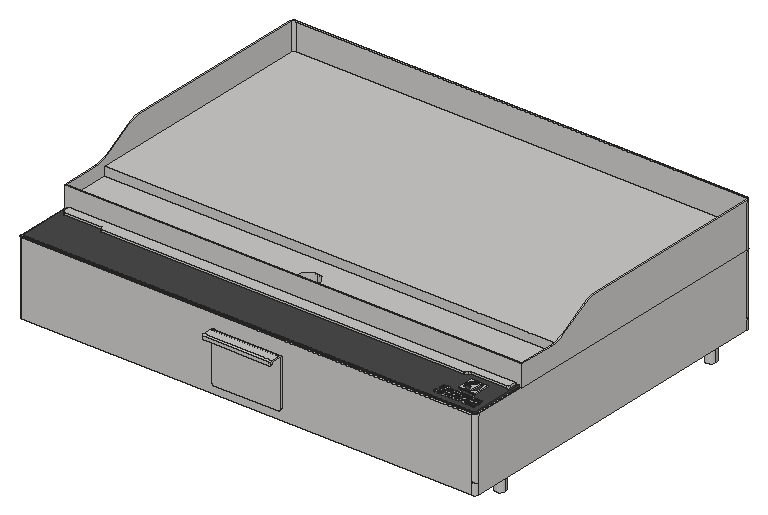
Revit family "QF_ELECTROLUXPROFESSIONAL_600887_E1IREDOMES", category Specialty Equipment, Revit 2018
Family settings
  Round Connector Dimension = Use Diameter
  Part Type = Normal
  Work Plane-Based = No
  Always vertical = Yes
  Cut with Voids When Loaded = No
  Shared = No
  Room Calculation Point = No
Parameters
  Watts = 0 W
  Volts = 0 V
  URL = ""
  Steam Supply Size = 0 mm
  Steam Supply Minimum Pressure = 0.0 Pa
  Steam Supply Maximum Pressure = 0.0 Pa
  Steam Pounds per Hour = 0
  Show Logo [instance] = yes
  Manufacturer = ""
  Phase = 0
  Model = ""
  Item Number = ""
  Hot Water Size = 0 mm
  HP = "9.4 HP"
  Gas Size = 0 mm
  Gas KW = 0
  Direct Waste Size = 0 mm
  Description = ""
  Cycle = 0 Hz
  Condensate Return Size = 0 mm
  Compressed Air Volume = 0.0 L/s
  Compressed Air Size = 0 mm
  Compressed Air Pressure = 0.0 Pa
  Cold Water Size = 0 mm
Reference planes
  plane 1 "Centro (Fronte/Retro)": y = 74.737
  plane 2: z = 0
  plane 3: x = -514.269
  plane 4 "LEFT": x = -914.269
  plane 5 "RIGHT": x = -114.269
  plane 6 "BACK": y = 374.737
  plane 7 "FRONT": y = -225.263
  plane 8: x = -912.269
  plane 9: y = 372.737
  plane 10: x = -116.269
  plane 11: y = -223.263
  plane 12: y = -124.263
  plane 13: x = -901.269
  plane 14: x = -127.269
  plane 15: y = 304.737
  plane 16: y = -155.263
  plane 17: x = -514.269
  plane 18: y = 146.737
  plane 19: z = 951
  plane 20: z = 991
  plane 21: z = 764
Forms (mm)
  Extrusion 1, solid, material "QF_Finishes_Stainless Steel"
    sketch origin (0, 0, 788) x (1, 0, 0) y (0, 1, 0)
      loop
        arc (-907.269, 374.737) -> (-912.218, 372.687) -> (-914.269, 367.737) r 7
        line (-914.269, 367.737) -> (-914.269, -218.263)
        arc (-914.269, -218.263) -> (-912.218, -223.213) -> (-907.269, -225.263) r 7
        line (-907.269, -225.263) -> (-121.269, -225.263)
        arc (-121.269, -225.263) -> (-116.319, -223.213) -> (-114.269, -218.263) r 7
        line (-114.269, -218.263) -> (-114.269, 367.737)
        arc (-114.269, 367.737) -> (-116.319, 372.687) -> (-121.269, 374.737) r 7
        line (-121.269, 374.737) -> (-907.269, 374.737)
    from 0 to 20
  Extrusion 2, solid, material "QF_Finishes_Stainless Steel"
    sketch origin (0, 0, 788) x (1, 0, 0) y (0, 1, 0)
      loop
        line (-121.269, 374.737) -> (-907.269, 374.737)
        arc (-907.269, 374.737) -> (-912.218, 372.687) -> (-914.269, 367.737) r 7
        line (-914.269, 367.737) -> (-914.269, -218.263)
        arc (-914.269, -218.263) -> (-912.218, -223.213) -> (-907.269, -225.263) r 7
        line (-907.269, -225.263) -> (-121.269, -225.263)
        arc (-121.269, -225.263) -> (-116.319, -223.213) -> (-114.269, -218.263) r 7
        line (-114.269, -218.263) -> (-114.269, 367.737)
        arc (-114.269, 367.737) -> (-116.319, 372.687) -> (-121.269, 374.737) r 7
      loop
        arc (-907.269, 372.737) -> (-910.804, 371.273) -> (-912.269, 367.737) r 5
        line (-912.269, 367.737) -> (-912.269, -218.263)
        arc (-912.269, -218.263) -> (-910.804, -221.798) -> (-907.269, -223.263) r 5
        line (-907.269, -223.263) -> (-121.269, -223.263)
        arc (-121.269, -223.263) -> (-117.733, -221.798) -> (-116.269, -218.263) r 5
        line (-116.269, -218.263) -> (-116.269, 367.737)
        arc (-116.269, 367.737) -> (-117.733, 371.273) -> (-121.269, 372.737) r 5
        line (-121.269, 372.737) -> (-907.269, 372.737)
    from 20 to 126
  Extrusion 3, solid, material "QF_Finishes_Black"
    sketch origin (0, 0, 914) x (-1, 0, 0) y (0, -1, 0)
      loop
        line (909.269, 124.263) -> (909.269, 218.263)
        arc (909.269, 218.263) -> (908.683, 219.677) -> (907.269, 220.263) r 2
        line (907.269, 220.263) -> (121.269, 220.263)
        arc (121.269, 220.263) -> (119.854, 219.677) -> (119.269, 218.263) r 2
        line (119.269, 218.263) -> (119.269, 124.263) -> (909.269, 124.263)
    from 0 to 2
  Extrusion 4, solid, material "QF_Finishes_Stainless Steel"
    sketch origin (0, 0, 914) x (-1, 0, 0) y (0, -1, 0)
      loop
        arc (901.269, 124.263) -> (903.39, 125.142) -> (904.269, 127.263) r 3
        line (904.269, 127.263) -> (904.269, 137.763)
        arc (904.269, 137.763) -> (903.39, 139.884) -> (901.269, 140.763) r 3
        line (901.269, 140.763) -> (837.269, 140.763)
        arc (837.269, 140.763) -> (835.147, 141.642) -> (834.269, 143.763) r 3
        arc (834.269, 143.763) -> (833.39, 145.884) -> (831.269, 146.763) r 3
        line (831.269, 146.763) -> (197.269, 146.763)
        arc (197.269, 146.763) -> (195.147, 145.884) -> (194.269, 143.763) r 3
        arc (194.269, 143.763) -> (193.39, 141.642) -> (191.269, 140.763) r 3
        line (191.269, 140.763) -> (127.269, 140.763)
        arc (127.269, 140.763) -> (125.147, 139.884) -> (124.269, 137.763) r 3
        line (124.269, 137.763) -> (124.269, 127.263)
        arc (124.269, 127.263) -> (125.147, 125.142) -> (127.269, 124.263) r 3
        line (127.269, 124.263) -> (901.269, 124.263)
    from 2 to 5
  Extrusion 5, solid, material "QF_Finishes_Stainless Steel"
    sketch origin (0, 0, 140) x (-1, 0, 0) y (0, -1, 0)
      loop
        circle (901.269, -304.737) r 9
      loop
        circle (127.269, -304.737) r 9
      loop
        circle (901.269, 155.263) r 9
      loop
        circle (127.269, 155.263) r 9
    from 624 to 648
  Extrusion 6, solid, material "QF_Finishes_Stainless Steel"
    sketch origin (0, 0, 140) x (-1, 0, 0) y (0, -1, 0)
      loop
        circle (514.269, -146.737) r 10
    from 638.028 to 648
  Extrusion 7, solid, material "QF_Finishes_Stainless Steel"
    sketch origin (0, 0, 140) x (-1, 0, 0) y (0, -1, 0)
      loop
        line (121.269, -374.737) -> (907.269, -374.737)
        arc (907.269, -374.737) -> (912.218, -372.687) -> (914.269, -367.737) r 7
        line (914.269, -367.737) -> (914.269, 124.263) -> (114.269, 124.263) -> (114.269, -367.737)
        arc (114.269, -367.737) -> (116.319, -372.687) -> (121.269, -374.737) r 7
      loop
        line (912.269, 122.263) -> (116.269, 122.263) -> (116.269, -367.737)
        arc (116.269, -367.737) -> (117.733, -371.273) -> (121.269, -372.737) r 5
        line (121.269, -372.737) -> (907.269, -372.737)
        arc (907.269, -372.737) -> (910.804, -371.273) -> (912.269, -367.737) r 5
        line (912.269, -367.737) -> (912.269, 122.263)
    from 774 to 851
  Extrusion 8, void
    sketch origin (-914.269, 367.737, 140) x (0, 1, 0) y (0, 0, 1)
      loop
        line (-492, 851) -> (-492, 811) -> (-425.278, 811)
        arc (-425.278, 811) -> (-412.445, 812.675) -> (-400.471, 817.588) r 50
        line (-400.471, 817.588) -> (-353.529, 844.412)
        arc (-353.529, 844.412) -> (-341.555, 849.325) -> (-328.722, 851) r 50
        line (-328.722, 851) -> (-492, 851)
    from 0 to 800
  Extrusion 9, solid, material "QF_Finishes_Stainless Steel"
    sketch origin (0, 0, 140) x (-1, 0, 0) y (0, -1, 0)
      loop
        line (912.269, -367.737) -> (912.269, 40.263) -> (116.269, 40.263) -> (116.269, -367.737)
        arc (116.269, -367.737) -> (117.733, -371.273) -> (121.269, -372.737) r 5
        line (121.269, -372.737) -> (907.269, -372.737)
        arc (907.269, -372.737) -> (910.804, -371.273) -> (912.269, -367.737) r 5
    from 774 to 804.06
  Extrusion 10, solid, material "QF_Finishes_Stainless Steel"
    sketch origin (0, 0, 140) x (-1, 0, 0) y (0, -1, 0)
      loop
        line (912.269, 40.263) -> (912.269, 122.263) -> (116.269, 122.263) -> (116.269, 40.263) -> (912.269, 40.263)
    from 774 to 789
  Extrusion 11, solid, material "QF_Finishes_Stainless Steel"
    sketch origin (-574.269, 367.737, 788) x (0, -1, 0) y (0, 0, 1)
      loop
        line (593, 14) -> (594.5, 14) -> (594.5, 99)
        arc (594.5, 99) -> (594.939, 100.061) -> (596, 100.5) r 1.5
        line (596, 100.5) -> (612, 100.5)
        arc (612, 100.5) -> (613.061, 100.061) -> (613.5, 99) r 1.5
        line (613.5, 99) -> (613.5, 94) -> (615, 94) -> (615, 99)
        arc (615, 99) -> (614.121, 101.121) -> (612, 102) r 3
        line (612, 102) -> (596, 102)
        arc (596, 102) -> (593.879, 101.121) -> (593, 99) r 3
        line (593, 99) -> (593, 14)
    from 0 to -120
  Extrusion 12, void
    sketch origin (-574.269, -226.763, 802) x (0, 0, 1) y (1, 0, 0)
      loop
        arc (4, 0) -> (1.172, 1.172) -> (0, 4) r 4
        line (0, 4) -> (0, 0) -> (4, 0)
      loop
        line (4, 120) -> (0, 120) -> (0, 116)
        arc (0, 116) -> (1.172, 118.828) -> (4, 120) r 4
    from 1.5 to 0
  Extrusion 13, void
    sketch origin (-574.269, -247.263, 890) x (0, 0, 1) y (1, 0, 0)
      loop
        arc (-4, 0) -> (-6.828, 1.172) -> (-8, 4) r 4
        line (-8, 4) -> (-8, 0) -> (-4, 0)
      loop
        line (-4, 120) -> (-8, 120) -> (-8, 116)
        arc (-8, 116) -> (-6.828, 118.828) -> (-4, 120) r 4
    from 0 to 1.5
  Extrusion 14, void
    sketch origin (353.267, 0, 929) x (0, -1, 0) y (-1, 0, 0)
      loop
        circle (91.263, 867.536) r 19
    from 0 to 71.307
Cuts and joins
  Extrusion 12, Extrusion 13 cuts Extrusion 1
  Extrusion 12, Extrusion 13 cuts Extrusion 2
  joined: Extrusion 1, Extrusion 2
  Extrusion 8 cuts Extrusion 7
  Extrusion 12, Extrusion 13 cuts Extrusion 11
  Extrusion 14 cuts Extrusion 10
Lines and regions (mm)
  symbolic lines
    curve 1: line (-121.269, 374.737, 126) -> (-907.269, 374.737, 126)
    curve 2: arc (-907.269, 374.737, 126) -> (-912.218, 372.687, 126) -> (-914.269, 367.737, 126) r 7
    curve 3: line (-914.269, 367.737, 126) -> (-914.269, -218.263, 126)
    curve 4: arc (-914.269, -218.263, 126) -> (-912.218, -223.213, 126) -> (-907.269, -225.263, 126) r 7
    curve 5: line (-907.269, -225.263, 126) -> (-121.269, -225.263, 126)
    curve 6: arc (-121.269, -225.263, 126) -> (-116.319, -223.213, 126) -> (-114.269, -218.263, 126) r 7
    curve 7: line (-114.269, -218.263, 126) -> (-114.269, 367.737, 126)
    curve 8: arc (-114.269, 367.737, 126) -> (-116.319, 372.687, 126) -> (-121.269, 374.737, 126) r 7
    curve 9: line (-907.269, 372.737, 126) -> (-121.269, 372.737, 126)
    curve 10: arc (-121.269, 372.737, 126) -> (-117.733, 371.273, 126) -> (-116.269, 367.737, 126) r 5
    curve 11: line (-116.269, 367.737, 126) -> (-116.269, -218.263, 126)
    curve 12: arc (-116.269, -218.263, 126) -> (-117.733, -221.798, 126) -> (-121.269, -223.263, 126) r 5
    curve 13: line (-121.269, -223.263, 126) -> (-907.269, -223.263, 126)
    curve 14: arc (-907.269, -223.263, 126) -> (-910.804, -221.798, 126) -> (-912.269, -218.263, 126) r 5
    curve 15: line (-912.269, -218.263, 126) -> (-912.269, 367.737, 126)
    curve 16: arc (-912.269, 367.737, 126) -> (-910.804, 371.273, 126) -> (-907.269, 372.737, 126) r 5
    curve 17: line (-831.269, -146.763, 126) -> (-197.269, -146.763, 126)
    curve 18: arc (-197.269, -146.763, 126) -> (-195.147, -145.884, 126) -> (-194.269, -143.763, 126) r 3
    curve 19: arc (-194.269, -143.763, 126) -> (-193.39, -141.642, 126) -> (-191.269, -140.763, 126) r 3
    curve 20: line (-191.269, -140.763, 126) -> (-127.269, -140.763, 126)
    curve 21: arc (-127.269, -140.763, 126) -> (-125.147, -139.884, 126) -> (-124.269, -137.763, 126) r 3
    curve 22: line (-124.269, -137.763, 126) -> (-124.269, -127.263, 126)
    curve 23: arc (-124.269, -127.263, 126) -> (-125.147, -125.142, 126) -> (-127.269, -124.263, 126) r 3
    curve 24: arc (-901.269, -124.263, 126) -> (-903.39, -125.142, 126) -> (-904.269, -127.263, 126) r 3
    curve 25: line (-904.269, -127.263, 126) -> (-904.269, -137.763, 126)
    curve 26: arc (-904.269, -137.763, 126) -> (-903.39, -139.884, 126) -> (-901.269, -140.763, 126) r 3
    curve 27: line (-901.269, -140.763, 126) -> (-837.269, -140.763, 126)
    curve 28: line (-119.269, -218.263, 126) -> (-119.269, -124.263, 126)
    curve 29: line (-909.269, -124.263, 126) -> (-909.269, -218.263, 126)
    curve 30: arc (-909.269, -218.263, 126) -> (-908.683, -219.677, 126) -> (-907.269, -220.263, 126) r 2
    curve 31: line (-907.269, -220.263, 126) -> (-121.269, -220.263, 126)
    curve 32: arc (-121.269, -220.263, 126) -> (-119.854, -219.677, 126) -> (-119.269, -218.263, 126) r 2
    curve 33: arc (-837.269, -140.763, 126) -> (-835.147, -141.642, 126) -> (-834.269, -143.763, 126) r 3
    curve 34: arc (-834.269, -143.763, 126) -> (-833.39, -145.884, 126) -> (-831.269, -146.763, 126) r 3
    curve 35: line (-909.269, -124.263, 0) -> (-119.269, -124.263, 0)
    curve 36: line (-912.269, -40.263, 126) -> (-116.269, -40.263, 126)
    curve 37: line (-178.626, -153.452, 126) -> (-178.626, -182.168, 126)
    curve 38: line (-178.626, -182.168, 126) -> (-149.912, -182.168, 126)
    curve 39: line (-149.912, -182.168, 126) -> (-149.912, -153.452, 126)
    curve 40: line (-149.912, -153.452, 126) -> (-178.626, -153.452, 126)
    curve 41: line (-175.841, -162.424, 126) -> (-175.07, -161.023, 126)
    curve 42: line (-175.07, -161.023, 126) -> (-174.141, -159.732, 126)
    curve 43: line (-174.141, -159.732, 126) -> (-173.065, -158.564, 126)
    curve 44: line (-173.065, -158.564, 126) -> (-171.856, -157.535, 126)
    curve 45: line (-171.856, -157.535, 126) -> (-170.527, -156.661, 126)
    curve 46: line (-170.527, -156.661, 126) -> (-169.091, -155.954, 126)
    curve 47: line (-169.091, -155.954, 126) -> (-167.562, -155.431, 126)
    curve 48: line (-167.562, -155.431, 126) -> (-165.952, -155.107, 126)
    curve 49: arc (-165.952, -155.107, 126) -> (-163.752, -155.007, 126) -> (-161.567, -155.279, 126) r 13.008
    curve 50: arc (-161.567, -155.279, 126) -> (-161.815, -157.647, 126) -> (-162.651, -159.876, 126) r 9.395
    curve 51: line (-162.651, -159.876, 126) -> (-163.438, -161.245, 126)
    curve 52: line (-163.438, -161.245, 126) -> (-164.403, -162.507, 126)
    curve 53: line (-164.403, -162.507, 126) -> (-165.524, -163.648, 126)
    curve 54: line (-165.524, -163.648, 126) -> (-166.781, -164.654, 126)
    curve 55: line (-166.781, -164.654, 126) -> (-168.151, -165.509, 126)
    curve 56: line (-168.151, -165.509, 126) -> (-169.615, -166.2, 126)
    curve 57: line (-169.615, -166.2, 126) -> (-171.15, -166.712, 126)
    curve 58: line (-171.15, -166.712, 126) -> (-172.736, -167.029, 126)
    curve 59: line (-172.736, -167.029, 126) -> (-174.352, -167.138, 126)
    curve 60: line (-174.352, -167.138, 126) -> (-177.067, -167.138, 126)
    curve 61: line (-177.067, -167.138, 126) -> (-176.852, -165.495, 126)
    curve 62: line (-176.852, -165.495, 126) -> (-176.439, -163.92, 126)
    curve 63: line (-176.439, -163.92, 126) -> (-175.841, -162.424, 126)
    curve 64: line (-160.221, -179.969, 126) -> (-160.221, -155.646, 126)
    curve 65: line (-160.221, -155.646, 126) -> (-158.743, -156.237, 126)
    curve 66: line (-158.743, -156.237, 126) -> (-157.363, -157.003, 126)
    curve 67: line (-157.363, -157.003, 126) -> (-156.095, -157.931, 126)
    curve 68: line (-156.095, -157.931, 126) -> (-154.951, -159.007, 126)
    curve 69: line (-154.951, -159.007, 126) -> (-153.945, -160.217, 126)
    curve 70: line (-153.945, -160.217, 126) -> (-153.092, -161.548, 126)
    curve 71: line (-153.092, -161.548, 126) -> (-152.403, -162.986, 126)
    curve 72: line (-152.403, -162.986, 126) -> (-151.894, -164.517, 126)
    curve 73: line (-151.894, -164.517, 126) -> (-151.576, -166.128, 126)
    curve 74: line (-151.576, -166.128, 126) -> (-151.464, -167.804, 126)
    curve 75: line (-151.464, -167.804, 126) -> (-151.567, -169.456, 126)
    curve 76: line (-151.567, -169.456, 126) -> (-151.873, -171.047, 126)
    curve 77: line (-151.873, -171.047, 126) -> (-152.372, -172.563, 126)
    curve 78: line (-152.372, -172.563, 126) -> (-153.05, -173.992, 126)
    curve 79: line (-153.05, -173.992, 126) -> (-153.897, -175.319, 126)
    curve 80: line (-153.897, -175.319, 126) -> (-154.899, -176.532, 126)
    curve 81: line (-154.899, -176.532, 126) -> (-156.044, -177.617, 126)
    curve 82: line (-156.044, -177.617, 126) -> (-157.321, -178.56, 126)
    curve 83: line (-157.321, -178.56, 126) -> (-158.718, -179.349, 126)
    curve 84: line (-158.718, -179.349, 126) -> (-160.221, -179.969, 126)
    curve 85: line (-169.613, -169.43, 126) -> (-168.15, -170.12, 126)
    curve 86: line (-168.15, -170.12, 126) -> (-166.78, -170.975, 126)
    curve 87: line (-166.78, -170.975, 126) -> (-165.524, -171.98, 126)
    curve 88: line (-165.524, -171.98, 126) -> (-164.403, -173.12, 126)
    curve 89: line (-164.403, -173.12, 126) -> (-163.439, -174.381, 126)
    curve 90: line (-163.439, -174.381, 126) -> (-162.652, -175.748, 126)
    curve 91: arc (-162.652, -175.748, 126) -> (-161.85, -177.982, 126) -> (-161.568, -180.34, 126) r 10.532
    curve 92: arc (-161.568, -180.34, 126) -> (-162.906, -180.548, 126) -> (-164.258, -180.63, 126) r 14.39
    curve 93: line (-164.258, -180.63, 126) -> (-165.828, -180.532, 126)
    curve 94: line (-165.828, -180.532, 126) -> (-167.331, -180.252, 126)
    curve 95: line (-167.331, -180.252, 126) -> (-168.77, -179.801, 126)
    curve 96: line (-168.77, -179.801, 126) -> (-170.134, -179.191, 126)
    curve 97: line (-170.134, -179.191, 126) -> (-171.411, -178.434, 126)
    curve 98: line (-171.411, -178.434, 126) -> (-172.589, -177.541, 126)
    curve 99: line (-172.589, -177.541, 126) -> (-173.656, -176.525, 126)
    curve 100: line (-173.656, -176.525, 126) -> (-174.6, -175.397, 126)
    curve 101: line (-174.6, -175.397, 126) -> (-175.41, -174.168, 126)
    curve 102: line (-175.41, -174.168, 126) -> (-176.073, -172.852, 126)
    curve 103: line (-176.073, -172.852, 126) -> (-176.579, -171.46, 126)
    curve 104: line (-176.579, -171.46, 126) -> (-176.915, -170.003, 126)
    curve 105: line (-176.915, -170.003, 126) -> (-177.069, -168.493, 126)
    curve 106: line (-177.069, -168.493, 126) -> (-174.35, -168.493, 126)
    curve 107: line (-174.35, -168.493, 126) -> (-172.734, -168.602, 126)
    curve 108: line (-172.734, -168.602, 126) -> (-171.148, -168.919, 126)
    curve 109: line (-171.148, -168.919, 126) -> (-169.613, -169.43, 126)
    curve 110: arc (-199.495, -197.154, 126) -> (-198.466, -199.638, 126) -> (-195.982, -200.667, 126) r 3.513
    curve 111: line (-195.982, -200.667, 126) -> (-192.408, -200.667, 126)
    curve 112: line (-192.408, -200.667, 126) -> (-192.408, -198.85, 126)
    curve 113: line (-192.408, -198.85, 126) -> (-195.966, -198.85, 126)
    curve 114: arc (-195.966, -198.85, 126) -> (-197.094, -198.382, 126) -> (-197.562, -197.254, 126) r 1.596
    curve 115: line (-197.562, -197.254, 126) -> (-197.562, -195.74, 126)
    curve 116: line (-197.562, -195.74, 126) -> (-192.843, -195.74, 126)
    curve 117: line (-192.843, -195.74, 126) -> (-192.843, -193.917, 126)
    curve 118: line (-192.843, -193.917, 126) -> (-197.563, -193.917, 126)
    curve 119: line (-197.563, -193.917, 126) -> (-197.563, -191.264, 126)
    curve 120: line (-197.563, -191.264, 126) -> (-192.542, -191.264, 126)
    curve 121: line (-192.542, -191.264, 126) -> (-192.542, -189.445, 126)
    curve 122: line (-192.542, -189.445, 126) -> (-199.495, -189.445, 126)
    curve 123: line (-199.495, -189.445, 126) -> (-199.495, -193.353, 126)
    curve 124: line (-199.495, -193.353, 126) -> (-199.495, -197.154, 126)
    curve 125: line (-189.101, -189.455, 126) -> (-191.035, -189.455, 126)
    curve 126: line (-191.035, -189.455, 126) -> (-191.035, -194.76, 126)
    curve 127: line (-191.035, -194.76, 126) -> (-191.035, -200.681, 126)
    curve 128: line (-191.035, -200.681, 126) -> (-189.101, -200.681, 126)
    curve 129: line (-189.101, -200.681, 126) -> (-189.101, -194.721, 126)
    curve 130: line (-189.101, -194.721, 126) -> (-189.101, -189.455, 126)
    curve 131: arc (-180.394, -193.787, 126) -> (-183.654, -192.313, 126) -> (-186.913, -193.787, 126) r 4.34
    curve 132: arc (-186.913, -193.787, 126) -> (-187.819, -196.606, 126) -> (-186.913, -199.425, 126) r 4.838
    curve 133: arc (-186.913, -199.425, 126) -> (-183.498, -200.88, 126) -> (-180.082, -199.425, 126) r 4.737
    curve 134: line (-180.082, -199.425, 126) -> (-181.246, -198.293, 126)
    curve 135: arc (-181.246, -198.293, 126) -> (-183.382, -199.237, 126) -> (-185.517, -198.293, 126) r 2.888
    curve 136: arc (-185.517, -198.293, 126) -> (-185.841, -197.736, 126) -> (-185.905, -197.095, 126) r 1.527
    curve 137: line (-185.905, -197.095, 126) -> (-179.564, -197.095, 126)
    curve 138: arc (-179.564, -197.095, 126) -> (-179.672, -195.364, 126) -> (-180.394, -193.787, 126) r 4.757
    curve 139: line (-181.505, -195.736, 126) -> (-185.858, -195.736, 126)
    curve 140: arc (-185.858, -195.736, 126) -> (-185.043, -194.411, 126) -> (-183.56, -193.941, 126) r 2.23
    curve 141: arc (-183.56, -193.941, 126) -> (-182.221, -194.482, 126) -> (-181.505, -195.736, 126) r 2.201
    curve 142: arc (-172.029, -198.26, 126) -> (-176.639, -196.593, 126) -> (-172.029, -194.927, 126) r 2.606
    curve 143: line (-172.029, -194.927, 126) -> (-170.832, -193.681, 126)
    curve 144: arc (-170.832, -193.681, 126) -> (-178.564, -196.594, 126) -> (-170.832, -199.507, 126) r 4.415
    curve 145: line (-170.832, -199.507, 126) -> (-172.029, -198.26, 126)
    curve 146: line (-169.629, -193.481, 126) -> (-169.629, -197.299, 126)
    curve 147: arc (-169.629, -197.299, 126) -> (-168.592, -199.893, 126) -> (-165.911, -200.681, 126) r 3.196
    curve 148: line (-165.911, -200.681, 126) -> (-165.904, -198.864, 126)
    curve 149: arc (-165.904, -198.864, 126) -> (-167.239, -198.457, 126) -> (-167.699, -197.14, 126) r 1.542
    curve 150: line (-167.699, -197.14, 126) -> (-167.699, -194.319, 126)
    curve 151: line (-167.699, -194.319, 126) -> (-165.94, -194.319, 126)
    curve 152: line (-165.94, -194.319, 126) -> (-165.94, -192.562, 126)
    curve 153: line (-165.94, -192.562, 126) -> (-167.696, -192.562, 126)
    curve 154: line (-167.696, -192.562, 126) -> (-167.696, -189.455, 126)
    curve 155: line (-167.696, -189.455, 126) -> (-169.629, -189.455, 126)
    curve 156: line (-169.629, -189.455, 126) -> (-169.629, -193.481, 126)
    curve 157: arc (-159.402, -192.451, 126) -> (-161.13, -192.587, 126) -> (-162.397, -193.771, 126) r 2.627
    curve 158: line (-162.397, -193.771, 126) -> (-162.397, -192.563, 126)
    curve 159: line (-162.397, -192.563, 126) -> (-164.315, -192.563, 126)
    curve 160: line (-164.315, -192.563, 126) -> (-164.315, -196.541, 126)
    curve 161: line (-164.315, -196.541, 126) -> (-164.315, -200.681, 126)
    curve 162: line (-164.315, -200.681, 126) -> (-162.397, -200.681, 126)
    curve 163: line (-162.397, -200.681, 126) -> (-162.397, -196.412, 126)
    curve 164: arc (-162.397, -196.412, 126) -> (-161.445, -194.585, 126) -> (-159.402, -194.319, 126) r 2.229
    curve 165: line (-159.402, -194.319, 126) -> (-159.402, -192.451, 126)
    curve 166: arc (-150.248, -196.625, 126) -> (-154.668, -192.205, 126) -> (-159.088, -196.625, 126) r 4.42
    curve 167: arc (-159.088, -196.625, 126) -> (-154.668, -201.046, 126) -> (-150.248, -196.625, 126) r 4.42
    curve 168: arc (-157.176, -196.625, 126) -> (-154.668, -194.117, 126) -> (-152.16, -196.625, 126) r 2.508
    curve 169: arc (-152.16, -196.625, 126) -> (-154.668, -199.134, 126) -> (-157.176, -196.625, 126) r 2.508
    curve 170: line (-147.124, -189.454, 126) -> (-149.058, -189.454, 126)
    curve 171: line (-149.058, -189.454, 126) -> (-149.058, -194.566, 126)
    curve 172: line (-149.058, -194.566, 126) -> (-149.058, -200.682, 126)
    curve 173: line (-149.058, -200.682, 126) -> (-147.124, -200.682, 126)
    curve 174: line (-147.124, -200.682, 126) -> (-147.124, -194.643, 126)
    curve 175: line (-147.124, -194.643, 126) -> (-147.124, -189.454, 126)
    curve 176: line (-143.697, -192.562, 126) -> (-145.646, -192.562, 126)
    curve 177: line (-145.646, -192.562, 126) -> (-145.646, -194.915, 126)
    curve 178: line (-145.646, -194.915, 126) -> (-145.646, -197.715, 126)
    curve 179: arc (-145.646, -197.715, 126) -> (-141.931, -201.044, 126) -> (-138.204, -197.728, 126) r 3.745
    curve 180: line (-138.204, -197.728, 126) -> (-138.204, -194.915, 126)
    curve 181: line (-138.204, -194.915, 126) -> (-138.204, -192.562, 126)
    curve 182: line (-138.204, -192.562, 126) -> (-140.152, -192.562, 126)
    curve 183: line (-140.152, -192.562, 126) -> (-140.152, -197.299, 126)
    curve 184: arc (-140.152, -197.299, 126) -> (-141.925, -199.071, 126) -> (-143.697, -197.299, 126) r 1.772
    curve 185: line (-143.697, -197.299, 126) -> (-143.697, -192.562, 126)
    curve 186: line (-134.237, -196.397, 126) -> (-135.916, -198.735, 126)
    curve 187: line (-135.916, -198.735, 126) -> (-137.313, -200.682, 126)
    curve 188: line (-137.313, -200.682, 126) -> (-135.235, -200.682, 126)
    curve 189: line (-135.235, -200.682, 126) -> (-133.174, -197.813, 126)
    curve 190: line (-133.174, -197.813, 126) -> (-131.112, -200.682, 126)
    curve 191: line (-131.112, -200.682, 126) -> (-129.034, -200.682, 126)
    curve 192: line (-129.034, -200.682, 126) -> (-130.891, -198.085, 126)
    curve 193: line (-130.891, -198.085, 126) -> (-132.11, -196.38, 126)
    curve 194: line (-132.11, -196.38, 126) -> (-130.601, -194.325, 126)
    curve 195: line (-130.601, -194.325, 126) -> (-129.308, -192.563, 126)
    curve 196: line (-129.308, -192.563, 126) -> (-131.418, -192.563, 126)
    curve 197: line (-131.418, -192.563, 126) -> (-133.174, -194.995, 126)
    curve 198: line (-133.174, -194.995, 126) -> (-134.946, -192.563, 126)
    curve 199: line (-134.946, -192.563, 126) -> (-137.039, -192.563, 126)
    curve 200: line (-137.039, -192.563, 126) -> (-135.839, -194.205, 126)
    curve 201: line (-135.839, -194.205, 126) -> (-134.237, -196.397, 126)
    curve 202: line (-199.467, -205.699, 126) -> (-199.467, -209.59, 126)
    curve 203: line (-199.467, -209.59, 126) -> (-198.667, -209.59, 126)
    curve 204: line (-198.667, -209.59, 126) -> (-198.667, -208.271, 126)
    curve 205: line (-198.667, -208.271, 126) -> (-197.697, -208.271, 126)
    curve 206: arc (-197.697, -208.271, 126) -> (-196.674, -206.863, 126) -> (-197.967, -205.699, 126) r 1.3
    curve 207: line (-197.967, -205.699, 126) -> (-199.467, -205.699, 126)
    curve 208: line (-198.667, -207.52, 126) -> (-198.667, -206.434, 126)
    curve 209: line (-198.667, -206.434, 126) -> (-197.861, -206.434, 126)
    curve 210: arc (-197.861, -206.434, 126) -> (-197.461, -206.977, 126) -> (-197.861, -207.52, 126) r 0.569
    curve 211: line (-197.861, -207.52, 126) -> (-198.667, -207.52, 126)
    curve 212: line (-193.389, -205.699, 126) -> (-193.389, -209.59, 126)
    curve 213: line (-193.389, -209.59, 126) -> (-192.589, -209.59, 126)
    curve 214: line (-192.589, -209.59, 126) -> (-192.589, -208.249, 126)
    curve 215: line (-192.589, -208.249, 126) -> (-191.763, -208.249, 126)
    curve 216: line (-191.763, -208.249, 126) -> (-190.957, -209.59, 126)
    curve 217: line (-190.957, -209.59, 126) -> (-190.05, -209.59, 126)
    curve 218: line (-190.05, -209.59, 126) -> (-191.058, -207.929, 126)
    curve 219: arc (-191.058, -207.929, 126) -> (-190.677, -206.531, 126) -> (-191.863, -205.699, 126) r 1.26
    curve 220: line (-191.863, -205.699, 126) -> (-193.389, -205.699, 126)
    curve 221: line (-192.589, -207.52, 126) -> (-192.589, -206.434, 126)
    curve 222: line (-192.589, -206.434, 126) -> (-191.782, -206.434, 126)
    curve 223: arc (-191.782, -206.434, 126) -> (-191.383, -206.977, 126) -> (-191.782, -207.52, 126) r 0.569
    curve 224: line (-191.782, -207.52, 126) -> (-192.589, -207.52, 126)
    curve 225: arc (-186.695, -207.668, 126) -> (-185.407, -206.38, 126) -> (-184.119, -207.668, 126) r 1.288
    curve 226: arc (-184.119, -207.668, 126) -> (-185.407, -208.956, 126) -> (-186.695, -207.668, 126) r 1.288
    curve 227: arc (-183.342, -207.668, 126) -> (-185.407, -205.603, 126) -> (-187.472, -207.668, 126) r 2.065
    curve 228: arc (-187.472, -207.668, 126) -> (-185.407, -209.733, 126) -> (-183.342, -207.668, 126) r 2.065
    curve 229: line (-179.969, -205.699, 126) -> (-179.969, -209.59, 126)
    curve 230: line (-179.969, -209.59, 126) -> (-179.169, -209.59, 126)
    curve 231: line (-179.169, -209.59, 126) -> (-179.169, -208.099, 126)
    curve 232: line (-179.169, -208.099, 126) -> (-177.704, -208.099, 126)
    curve 233: line (-177.704, -208.099, 126) -> (-177.704, -207.299, 126)
    curve 234: line (-177.704, -207.299, 126) -> (-179.169, -207.299, 126)
    curve 235: line (-179.169, -207.299, 126) -> (-179.169, -206.499, 126)
    curve 236: line (-179.169, -206.499, 126) -> (-177.564, -206.499, 126)
    curve 237: line (-177.564, -206.499, 126) -> (-177.564, -205.699, 126)
    curve 238: line (-177.564, -205.699, 126) -> (-179.969, -205.699, 126)
    curve 239: line (-174.264, -205.699, 126) -> (-174.264, -208.344, 126)
    curve 240: arc (-174.264, -208.344, 126) -> (-173.899, -209.225, 126) -> (-173.017, -209.59, 126) r 1.246
    curve 241: line (-173.017, -209.59, 126) -> (-171.761, -209.59, 126)
    curve 242: line (-171.761, -209.59, 126) -> (-171.761, -208.79, 126)
    curve 243: line (-171.761, -208.79, 126) -> (-172.922, -208.79, 126)
    curve 244: arc (-172.922, -208.79, 126) -> (-173.361, -208.576, 126) -> (-173.464, -208.099, 126) r 0.558
    curve 245: line (-173.464, -208.099, 126) -> (-171.907, -208.099, 126)
    curve 246: line (-171.907, -208.099, 126) -> (-171.907, -207.299, 126)
    curve 247: line (-171.907, -207.299, 126) -> (-173.464, -207.299, 126)
    curve 248: line (-173.464, -207.299, 126) -> (-173.464, -206.499, 126)
    curve 249: line (-173.464, -206.499, 126) -> (-171.799, -206.499, 126)
    curve 250: line (-171.799, -206.499, 126) -> (-171.799, -205.699, 126)
    curve 251: line (-171.799, -205.699, 126) -> (-174.264, -205.699, 126)
    curve 252: arc (-168.711, -208.718, 126) -> (-167.818, -209.538, 126) -> (-166.606, -209.568, 126) r 1.725
    curve 253: arc (-166.606, -209.568, 126) -> (-165.785, -208.793, 126) -> (-166.071, -207.702, 126) r 1.107
    curve 254: arc (-166.071, -207.702, 126) -> (-166.648, -207.348, 126) -> (-167.264, -207.067, 126) r 5.523
    curve 255: arc (-167.264, -207.067, 126) -> (-167.604, -206.55, 126) -> (-167.043, -206.293, 126) r 0.407
    curve 256: arc (-167.043, -206.293, 126) -> (-166.706, -206.498, 126) -> (-166.425, -206.775, 126) r 1.702
    curve 257: line (-166.425, -206.775, 126) -> (-165.74, -206.363, 126)
    curve 258: arc (-165.74, -206.363, 126) -> (-166.172, -205.902, 126) -> (-166.708, -205.566, 126) r 2.463
    curve 259: arc (-166.708, -205.566, 126) -> (-168.378, -206.347, 126) -> (-167.331, -207.864, 126) r 1.207
    curve 260: line (-167.331, -207.864, 126) -> (-166.868, -208.812, 126)
    curve 261: arc (-166.868, -208.812, 126) -> (-167.513, -208.798, 126) -> (-167.991, -208.367, 126) r 0.925
    curve 262: line (-167.991, -208.367, 126) -> (-168.711, -208.718, 126)
    curve 263: arc (-162.851, -208.718, 126) -> (-161.958, -209.538, 126) -> (-160.746, -209.568, 126) r 1.725
    curve 264: arc (-160.746, -209.568, 126) -> (-159.926, -208.793, 126) -> (-160.211, -207.702, 126) r 1.107
    curve 265: arc (-160.211, -207.702, 126) -> (-160.788, -207.348, 126) -> (-161.405, -207.067, 126) r 5.523
    curve 266: arc (-161.405, -207.067, 126) -> (-161.745, -206.55, 126) -> (-161.183, -206.293, 126) r 0.407
    curve 267: arc (-161.183, -206.293, 126) -> (-160.846, -206.498, 126) -> (-160.566, -206.775, 126) r 1.702
    curve 268: line (-160.566, -206.775, 126) -> (-159.88, -206.363, 126)
    curve 269: arc (-159.88, -206.363, 126) -> (-160.313, -205.902, 126) -> (-160.848, -205.566, 126) r 2.463
    curve 270: arc (-160.848, -205.566, 126) -> (-162.518, -206.347, 126) -> (-161.471, -207.864, 126) r 1.207
    curve 271: line (-161.471, -207.864, 126) -> (-161.009, -208.812, 126)
    curve 272: arc (-161.009, -208.812, 126) -> (-161.653, -208.798, 126) -> (-162.132, -208.367, 126) r 0.925
    curve 273: line (-162.132, -208.367, 126) -> (-162.851, -208.718, 126)
    curve 274: line (-156.591, -209.59, 126) -> (-155.791, -209.59, 126)
    curve 275: line (-155.791, -209.59, 126) -> (-155.791, -205.699, 126)
    curve 276: line (-155.791, -205.699, 126) -> (-156.591, -205.699, 126)
    curve 277: line (-156.591, -205.699, 126) -> (-156.591, -209.59, 126)
    curve 278: arc (-152.472, -207.668, 126) -> (-150.407, -209.733, 126) -> (-148.342, -207.668, 126) r 2.065
    curve 279: arc (-148.342, -207.668, 126) -> (-150.407, -205.603, 126) -> (-152.472, -207.668, 126) r 2.065
    curve 280: arc (-151.695, -207.668, 126) -> (-150.407, -206.38, 126) -> (-149.119, -207.668, 126) r 1.288
    curve 281: arc (-149.119, -207.668, 126) -> (-150.407, -208.956, 126) -> (-151.695, -207.668, 126) r 1.288
    curve 282: line (-145.051, -205.699, 126) -> (-145.051, -209.59, 126)
    curve 283: line (-145.051, -209.59, 126) -> (-144.221, -209.59, 126)
    curve 284: line (-144.221, -209.59, 126) -> (-144.221, -207.143, 126)
    curve 285: line (-144.221, -207.143, 126) -> (-142.441, -209.59, 126)
    curve 286: line (-142.441, -209.59, 126) -> (-141.641, -209.59, 126)
    curve 287: line (-141.641, -209.59, 126) -> (-141.641, -205.699, 126)
    curve 288: line (-141.641, -205.699, 126) -> (-142.471, -205.699, 126)
    curve 289: line (-142.471, -205.699, 126) -> (-142.471, -208.219, 126)
    curve 290: line (-142.471, -208.219, 126) -> (-144.251, -205.699, 126)
    curve 291: line (-144.251, -205.699, 126) -> (-145.051, -205.699, 126)
    curve 292: line (-136.895, -205.7, 126) -> (-138.488, -209.59, 126)
    curve 293: line (-138.488, -209.59, 126) -> (-137.629, -209.59, 126)
    curve 294: line (-137.629, -209.59, 126) -> (-137.25, -208.75, 126)
    curve 295: line (-137.25, -208.75, 126) -> (-135.811, -208.75, 126)
    curve 296: line (-135.811, -208.75, 126) -> (-135.432, -209.59, 126)
    curve 297: line (-135.432, -209.59, 126) -> (-134.574, -209.59, 126)
    curve 298: line (-134.574, -209.59, 126) -> (-136.095, -205.7, 126)
    curve 299: line (-136.095, -205.7, 126) -> (-136.895, -205.7, 126)
    curve 300: line (-136.947, -207.983, 126) -> (-136.529, -206.965, 126)
    curve 301: line (-136.529, -206.965, 126) -> (-136.131, -207.983, 126)
    curve 302: line (-136.131, -207.983, 126) -> (-136.947, -207.983, 126)
    curve 303: line (-131.398, -205.699, 126) -> (-131.398, -209.59, 126)
    curve 304: line (-131.398, -209.59, 126) -> (-129.102, -209.59, 126)
    curve 305: line (-129.102, -209.59, 126) -> (-129.102, -208.79, 126)
    curve 306: line (-129.102, -208.79, 126) -> (-130.599, -208.79, 126)
    curve 307: line (-130.599, -208.79, 126) -> (-130.599, -205.699, 126)
    curve 308: line (-130.599, -205.699, 126) -> (-131.398, -205.699, 126)
    curve 309: arc (-514.269, -110.263, 126) -> (-533.269, -91.263, 126) -> (-514.269, -72.263, 126) r 19
    curve 310: arc (-514.269, -72.263, 126) -> (-495.269, -91.263, 126) -> (-514.269, -110.263, 126) r 19
    curve 311: line (-116.269, -122.263, 126) -> (-912.269, -122.263, 126)
    curve 312: line (-574.269, -225.263, 126) -> (-574.269, -247.263, 126)
    curve 313: line (-574.269, -247.263, 126) -> (-454.269, -247.263, 126)
    curve 314: line (-454.269, -247.263, 126) -> (-454.269, -225.263, 126)
Dimensions and locks
  equal spacing: plane 4 "LEFT", plane 3, plane 5 "RIGHT"
  plane 4 "LEFT" to plane 5 "RIGHT" = 800 mm
  equal spacing: plane 6 "BACK", plane 1 "Centro (Fronte/Retro)", plane 7 "FRONT"
  plane 6 "BACK" to plane 7 "FRONT" = 600 mm
  locked: plane 4 "LEFT" to plane 13 at 13
  locked: plane 14 to plane 5 "RIGHT" at 13
  locked: plane 6 "BACK" to plane 15 at 70
  locked: plane 16 to plane 7 "FRONT" at 70
  plane 17 to plane 5 "RIGHT" = 400 mm
  plane 6 "BACK" to plane 18 = 228 mm
  Extrusion 4 to Extrusion 5 = 155 mm
  plane 20 to Extrusion 5 = 227 mm
  locked: plane 10 to plane 5 "RIGHT" at 2
  locked: plane 11 to plane 7 "FRONT" at 2
  locked: plane 4 "LEFT" to plane 8 at 2
  plane 21 to level = 764 mm
  aligned and locked: level to plane 2
  aligned and locked: Extrusion 5 to cut or joined group of Extrusion 1, Extrusion 2, Extrusion 12, Extrusion 13
  aligned and locked: Extrusion 7 to plane 20
  aligned and locked: Extrusion 1 to plane 4 "LEFT"
  aligned and locked: Extrusion 1 sketch curve to plane 5 "RIGHT"
  aligned and locked: Extrusion 1 sketch curve to plane 6 "BACK"
  aligned and locked: plane 7 "FRONT" to Extrusion 1 sketch curve
  aligned and locked: Extrusion 2 sketch curve to plane 4 "LEFT"
  aligned and locked: Extrusion 2 sketch curve to plane 8
  aligned and locked: plane 6 "BACK" to Extrusion 2 sketch curve
  aligned and locked: Extrusion 2 sketch curve to plane 9
  aligned and locked: Extrusion 2 sketch curve to plane 10
  aligned and locked: plane 5 "RIGHT" to Extrusion 2 sketch curve
  aligned and locked: Extrusion 2 sketch curve to plane 7 "FRONT"
  aligned and locked: Extrusion 2 sketch curve to plane 11
  aligned and locked: Extrusion 9 sketch curve to plane 8
  aligned and locked: plane 9 to Extrusion 9 sketch curve
  aligned and locked: plane 10 to Extrusion 9 sketch curve
Automatic sketch dimensions
  curve 35 to plane 12 = 0 mm
  plane 8 to curve 35 = 3 mm
  curve 35 to plane 10 = 3 mm
  Extrusion 1 sketch curve to plane 4 "LEFT" = 0 mm
  plane 8 to Extrusion 1 sketch curve = 5 mm  (x2)
  Extrusion 1 sketch curve to plane 10 = 5 mm  (x2)
  Extrusion 2 sketch curve to Extrusion 2 sketch curve = 0 mm  (x4)
  Extrusion 2 sketch curve to Extrusion 2 sketch curve = 5 mm  (x2)
  Extrusion 2 sketch curve to plane 10 = 5 mm  (x2)
  Extrusion 3 sketch curve to plane 12 = 0 mm
  Extrusion 3 sketch curve to plane 10 = 3 mm
  Extrusion 3 sketch curve to Extrusion 3 sketch curve = 2 mm  (x2)
  plane 8 to Extrusion 3 sketch curve = 5 mm
  plane 11 to Extrusion 3 sketch curve = 5 mm
  Extrusion 4 sketch curve to plane 12 = 0 mm
  Extrusion 4 sketch curve to plane 14 = 0 mm  (x2)
  Extrusion 4 sketch curve to plane 13 = 0 mm  (x2)
  Extrusion 4 sketch curve to Extrusion 4 sketch curve = 3 mm  (x2)
  plane 16 to Extrusion 4 sketch curve = 11.5 mm
  plane 17 to Extrusion 4 sketch curve = 323 mm
  Extrusion 4 sketch curve to Extrusion 4 sketch curve = 6 mm  (x2)
  plane 16 to Extrusion 4 sketch curve = 8.5 mm
  plane 13 to Extrusion 4 sketch curve = 70 mm
  Extrusion 4 sketch curve to plane 12 = 3 mm
  Extrusion 4 sketch curve to Extrusion 4 sketch curve = 10.5 mm  (x2)
  Extrusion 5 sketch curve to plane 14 = 0 mm  (x2)
  Extrusion 5 sketch curve to plane 13 = 0 mm  (x2)
  Extrusion 5 sketch curve to plane 15 = 0 mm  (x2)
  Extrusion 5 sketch curve to plane 16 = 0 mm  (x2)
  Extrusion 6 sketch curve to plane 17 = 0 mm
  Extrusion 6 sketch curve to plane 18 = 0 mm
  Extrusion 7 sketch curve to Extrusion 7 sketch curve = 0 mm  (x4)
  Extrusion 7 sketch curve to plane 5 "RIGHT" = 0 mm
  Extrusion 7 sketch curve to plane 10 = 0 mm
  Extrusion 7 sketch curve to plane 9 = 0 mm
  Extrusion 7 sketch curve to plane 8 = 0 mm
  Extrusion 7 sketch curve to plane 12 = 0 mm
  Extrusion 7 sketch curve to plane 9 = 5 mm
  plane 8 to Extrusion 7 sketch curve = 5 mm
  plane 12 to Extrusion 7 sketch curve = 2 mm
  Extrusion 8 sketch curve to Extrusion 7 = 0 mm  (x2)
  Extrusion 8 sketch curve to Extrusion 7 = 37 mm
  Extrusion 7 to Extrusion 8 sketch curve = 66.722 mm
  Extrusion 8 sketch curve to Extrusion 7 = 33.412 mm
  Extrusion 8 sketch curve to Extrusion 8 sketch curve = 24.807 mm
  Extrusion 8 sketch curve to Extrusion 7 = 6.588 mm
  Extrusion 8 sketch curve to Extrusion 8 sketch curve = 46.943 mm
  Extrusion 8 sketch curve to Extrusion 7 = 27 mm
  Extrusion 9 sketch curve to plane 10 = 5 mm
  Extrusion 9 sketch curve to Extrusion 9 sketch curve = 5 mm
  plane 12 to Extrusion 9 sketch curve = 84 mm
  Extrusion 10 sketch curve to plane 10 = 0 mm
  Extrusion 10 sketch curve to plane 8 = 0 mm
  plane 12 to Extrusion 10 sketch curve = 84 mm
  plane 12 to Extrusion 10 sketch curve = 2 mm
  Extrusion 11 sketch curve to Extrusion 11 sketch curve = 0 mm  (x7)
  Extrusion 11 sketch curve to plane 7 "FRONT" = 0 mm
  Extrusion 11 sketch curve to Extrusion 11 sketch curve = 1.5 mm  (x3)
  Extrusion 11 sketch curve to Extrusion 11 sketch curve = 16 mm
  Extrusion 11 sketch curve to Extrusion 11 sketch curve = 5 mm
  Extrusion 12 sketch curve to Extrusion 11 = 0 mm  (x4)
  Extrusion 12 sketch curve to Extrusion 12 sketch curve = 4 mm
  Extrusion 12 sketch curve to Extrusion 11 = 4 mm
  Extrusion 13 sketch curve to Extrusion 11 = 0 mm  (x4)
  Extrusion 11 to Extrusion 13 sketch curve = 1 mm  (x2)
  plane 12 to Extrusion 14 sketch curve = 33 mm
  plane 13 to Extrusion 14 sketch curve = 387 mm
  curve 2 to curve 16 = 0 mm  (x2)
  curve 4 to curve 14 = 0 mm  (x2)
  curve 4 to curve 30 = 0 mm  (x2)
  curve 6 to curve 12 = 0 mm  (x2)
  curve 6 to curve 32 = 0 mm  (x2)
  curve 8 to curve 10 = 0 mm  (x2)
  curve 12 to curve 32 = 0 mm  (x2)
  curve 14 to curve 30 = 0 mm  (x2)
  curve 166 to curve 167 = 0 mm  (x2)
  curve 166 to curve 168 = 0 mm  (x2)
  curve 166 to curve 169 = 0 mm  (x2)
  curve 167 to curve 168 = 0 mm  (x2)
  curve 167 to curve 169 = 0 mm  (x2)
  curve 168 to curve 169 = 0 mm  (x2)
  curve 179 to curve 184 = 0 mm  (x2)
  curve 225 to curve 226 = 0 mm  (x2)
  curve 225 to curve 227 = 0 mm  (x2)
  curve 225 to curve 228 = 0 mm  (x2)
  curve 226 to curve 227 = 0 mm  (x2)
  curve 226 to curve 228 = 0 mm  (x2)
  curve 227 to curve 228 = 0 mm  (x2)
  curve 252 to curve 261 = 0 mm  (x2)
  curve 255 to curve 259 = 0 mm  (x2)
  curve 263 to curve 272 = 0 mm  (x2)
  curve 266 to curve 270 = 0 mm  (x2)
  curve 278 to curve 279 = 0 mm  (x2)
  curve 278 to curve 280 = 0 mm  (x2)
  curve 278 to curve 281 = 0 mm  (x2)
  curve 279 to curve 280 = 0 mm  (x2)
  curve 279 to curve 281 = 0 mm  (x2)
  curve 280 to curve 281 = 0 mm  (x2)
  curve 309 to curve 310 = 0 mm  (x2)
  curve 6 to plane 5 "RIGHT" = 0 mm
  curve 11 to plane 10 = 0 mm
  curve 28 to plane 12 = 0 mm
  curve 5 to plane 7 "FRONT" = 0 mm
  curve 1 to plane 6 "BACK" = 0 mm
  curve 21 to plane 14 = 0 mm
  curve 23 to plane 14 = 0 mm
  curve 309 to plane 3 = 0 mm
  curve 24 to plane 13 = 0 mm
  curve 26 to plane 13 = 0 mm
  curve 29 to plane 12 = 0 mm
  curve 311 to plane 8 = 0 mm
  curve 24 to plane 12 = 0 mm
  curve 23 to plane 12 = 0 mm
  curve 11 to curve 28 = 3 mm
  curve 28 to curve 6 = 2 mm
  curve 8 to plane 9 = 5 mm
  curve 22 to plane 12 = 3 mm
  curve 191 to plane 14 = 1.766 mm
  curve 305 to plane 14 = 1.834 mm
  curve 195 to plane 14 = 2.039 mm
  curve 308 to plane 14 = 3.33 mm
  curve 195 to curve 195 = 1.293 mm
  curve 191 to curve 192 = 1.857 mm
  curve 191 to curve 191 = 2.078 mm
  curve 307 to curve 308 = 0.8 mm
  curve 194 to curve 197 = 0.817 mm
  curve 192 to curve 194 = 1.22 mm
  curve 193 to curve 190 = 1.064 mm
  curve 193 to curve 198 = 1.064 mm
  curve 197 to curve 186 = 1.063 mm
  curve 303 to curve 297 = 3.175 mm
  curve 197 to curve 199 = 1.772 mm
  curve 189 to curve 188 = 2.061 mm
  curve 297 to curve 296 = 0.859 mm
  curve 296 to curve 295 = 0.379 mm
  curve 198 to curve 201 = 0.893 mm
  curve 188 to curve 186 = 0.68 mm
  curve 295 to curve 299 = 0.284 mm
  curve 295 to curve 302 = 0.32 mm
  curve 301 to curve 300 = 0.398 mm
  curve 298 to curve 299 = 0.8 mm
  curve 301 to curve 300 = 0.815 mm
  curve 200 to curve 200 = 1.2 mm
  curve 300 to curve 294 = 0.304 mm
  curve 188 to curve 187 = 2.078 mm
  curve 294 to curve 294 = 0.379 mm
  curve 186 to curve 180 = 2.289 mm
  curve 293 to curve 293 = 0.859 mm
  curve 179 to curve 183 = 1.948 mm
  curve 292 to curve 288 = 4.746 mm
  curve 183 to curve 179 = 1.772 mm
  curve 286 to curve 285 = 0.8 mm
  curve 287 to curve 289 = 0.83 mm
  curve 285 to curve 283 = 1.78 mm
  curve 284 to curve 291 = 0.031 mm
  curve 283 to curve 283 = 0.831 mm
  curve 176 to curve 177 = 1.95 mm
  curve 176 to curve 175 = 1.478 mm
  curve 173 to curve 172 = 1.934 mm
  plane 16 to curve 39 = 1.811 mm
  curve 39 to plane 14 = 22.643 mm
  curve 282 to curve 281 = 5.356 mm
  curve 39 to curve 75 = 1.553 mm
  curve 74 to curve 75 = 0.102 mm
  curve 73 to plane 16 = 10.865 mm
  curve 74 to curve 73 = 0.112 mm
  curve 75 to curve 77 = 0.306 mm
  curve 72 to plane 16 = 9.254 mm
  curve 73 to curve 72 = 0.317 mm
  curve 76 to curve 77 = 0.499 mm
  curve 72 to plane 16 = 7.723 mm
  curve 72 to curve 72 = 0.51 mm
  curve 77 to curve 79 = 0.679 mm
  curve 70 to plane 16 = 6.285 mm
  curve 71 to curve 70 = 0.688 mm
  curve 78 to curve 80 = 0.846 mm
  curve 69 to plane 16 = 4.954 mm
  curve 70 to curve 69 = 0.854 mm
  curve 171 to curve 167 = 5.61 mm
  curve 79 to curve 81 = 1.002 mm
  curve 69 to plane 16 = 3.744 mm
  curve 69 to curve 69 = 1.005 mm
  curve 278 to curve 275 = 5.384 mm
  curve 80 to curve 81 = 1.146 mm
  curve 68 to plane 16 = 2.668 mm
  curve 68 to curve 68 = 1.144 mm
  curve 275 to curve 277 = 0.8 mm
  curve 81 to curve 83 = 1.277 mm
  curve 67 to plane 16 = 1.74 mm
  curve 67 to curve 67 = 1.269 mm
  curve 82 to curve 84 = 1.396 mm
  curve 65 to plane 16 = 0.974 mm
  curve 66 to curve 65 = 1.38 mm
  curve 166 to curve 165 = 4.734 mm
  curve 276 to curve 268 = 3.289 mm
  curve 164 to curve 157 = 0.669 mm
  curve 157 to curve 164 = 0.097 mm
  curve 64 to plane 16 = 0.383 mm
  curve 65 to curve 64 = 1.478 mm
  curve 268 to curve 268 = 0.686 mm
  curve 267 to curve 264 = 0.424 mm
  plane 11 to curve 271 = 14.451 mm
  curve 264 to curve 271 = 0.019 mm
  curve 264 to curve 263 = 0.322 mm
  curve 267 to curve 266 = 0.787 mm
  plane 11 to curve 271 = 15.399 mm
  curve 263 to curve 271 = 0.159 mm
  curve 270 to curve 269 = 0.407 mm
  curve 269 to curve 267 = 0.016 mm
  plane 11 to curve 273 = 14.896 mm
  curve 267 to curve 273 = 0.238 mm
  curve 164 to curve 162 = 2.229 mm
  curve 165 to curve 158 = 2.995 mm
  curve 51 to plane 16 = 4.613 mm
  curve 64 to curve 51 = 2.43 mm
  curve 64 to curve 90 = 2.431 mm
  plane 11 to curve 273 = 14.545 mm
  curve 272 to curve 273 = 0.719 mm
  curve 263 to curve 265 = 0.53 mm
  curve 52 to plane 16 = 5.982 mm
  curve 50 to curve 52 = 0.787 mm
  curve 90 to curve 89 = 0.787 mm
  curve 64 to curve 93 = 4.037 mm
  curve 89 to curve 49 = 0.823 mm
  curve 163 to curve 161 = 1.918 mm
  curve 53 to plane 16 = 7.244 mm
  curve 51 to curve 53 = 0.965 mm
  curve 88 to plane 16 = 17.857 mm
  curve 89 to curve 88 = 0.964 mm
  curve 49 to curve 92 = 0.187 mm
  curve 87 to plane 16 = 16.717 mm
  curve 88 to curve 87 = 1.121 mm
  curve 53 to plane 16 = 8.385 mm
  curve 52 to curve 53 = 1.121 mm
  curve 273 to curve 257 = 2.889 mm
  curve 92 to curve 93 = 1.57 mm
  curve 161 to curve 148 = 1.589 mm
  curve 161 to curve 148 = 1.596 mm
  curve 159 to curve 151 = 1.625 mm
  plane 16 to curve 48 = 0.156 mm
  curve 64 to curve 48 = 5.73 mm
  curve 149 to curve 149 = 0.266 mm
  curve 258 to curve 257 = 0.686 mm
  curve 149 to curve 147 = 0.271 mm
  curve 86 to plane 16 = 15.712 mm
  curve 87 to curve 86 = 1.256 mm
  curve 54 to plane 16 = 9.391 mm
  curve 53 to curve 54 = 1.256 mm
  curve 256 to curve 253 = 0.424 mm
  plane 11 to curve 260 = 14.451 mm
  curve 253 to curve 260 = 0.019 mm
  curve 253 to curve 261 = 0.322 mm
  curve 256 to curve 255 = 0.787 mm
  plane 11 to curve 260 = 15.399 mm
  curve 252 to curve 260 = 0.159 mm
  curve 93 to curve 94 = 1.503 mm
  curve 48 to plane 16 = 0.168 mm
  curve 48 to curve 48 = 1.61 mm
  curve 152 to curve 154 = 1.755 mm
  curve 147 to curve 150 = 1.257 mm
  curve 259 to curve 258 = 0.407 mm
  curve 258 to curve 256 = 0.016 mm
  plane 11 to curve 262 = 14.896 mm
  curve 256 to curve 262 = 0.238 mm
  curve 86 to plane 16 = 14.857 mm
  curve 86 to curve 86 = 1.37 mm
  curve 55 to plane 16 = 10.246 mm
  curve 54 to curve 55 = 1.37 mm
  plane 11 to curve 262 = 14.545 mm
  curve 261 to curve 262 = 0.719 mm
  curve 94 to curve 95 = 1.439 mm
  curve 46 to plane 16 = 0.691 mm
  curve 47 to curve 46 = 1.53 mm
  curve 252 to curve 254 = 0.53 mm
  curve 85 to plane 16 = 14.167 mm
  curve 85 to curve 85 = 1.463 mm
  curve 57 to plane 16 = 10.937 mm
  curve 55 to curve 57 = 1.464 mm
  curve 150 to curve 146 = 1.931 mm
  curve 95 to curve 97 = 1.364 mm
  curve 46 to plane 16 = 1.398 mm
  curve 46 to curve 46 = 1.436 mm
  curve 146 to curve 143 = 1.203 mm
  curve 147 to curve 145 = 1.203 mm
  curve 50 to plane 16 = 0.227 mm
  curve 45 to curve 50 = 0.433 mm
  curve 109 to plane 16 = 13.656 mm
  curve 85 to curve 109 = 1.535 mm
  curve 57 to plane 16 = 11.449 mm
  curve 56 to curve 57 = 1.535 mm
  curve 96 to curve 98 = 1.277 mm
  curve 252 to curve 242 = 3.05 mm
  curve 242 to curve 251 = 0.038 mm
  curve 45 to plane 16 = 2.272 mm
  curve 45 to curve 45 = 1.329 mm
  curve 242 to curve 246 = 0.146 mm
  curve 144 to curve 145 = 1.197 mm
  curve 143 to curve 143 = 1.197 mm
  curve 97 to curve 91 = 0.689 mm
  curve 99 to plane 16 = 22.278 mm
  curve 97 to curve 99 = 1.178 mm
  curve 108 to plane 16 = 13.339 mm
  curve 108 to curve 108 = 1.586 mm
  curve 59 to plane 16 = 11.766 mm
  curve 107 to curve 59 = 0.002 mm
  curve 245 to curve 244 = 1.015 mm
  curve 243 to curve 241 = 0.095 mm
  curve 43 to plane 16 = 3.301 mm
  curve 44 to curve 43 = 1.209 mm
  curve 244 to curve 248 = 0.541 mm
  curve 240 to curve 245 = 0.446 mm
  curve 100 to plane 16 = 21.262 mm
  curve 98 to curve 100 = 1.067 mm
  curve 142 to curve 142 = 2.004 mm
  curve 42 to plane 16 = 4.469 mm
  curve 43 to curve 42 = 1.076 mm
  curve 142 to curve 144 = 0.116 mm
  curve 248 to curve 239 = 0.8 mm
  curve 107 to curve 106 = 1.616 mm
  curve 106 to curve 60 = 0.002 mm
  curve 100 to plane 16 = 20.134 mm
  curve 99 to curve 100 = 0.944 mm
  curve 42 to plane 16 = 5.76 mm
  curve 42 to curve 42 = 0.93 mm
  curve 101 to plane 16 = 18.905 mm
  curve 100 to curve 101 = 0.81 mm
  curve 41 to plane 16 = 7.161 mm
  curve 41 to curve 41 = 0.771 mm
  curve 102 to plane 16 = 17.589 mm
  curve 101 to curve 102 = 0.664 mm
  curve 62 to plane 16 = 8.657 mm
  curve 41 to curve 62 = 0.598 mm
  curve 104 to plane 16 = 16.197 mm
  curve 102 to curve 104 = 0.506 mm
  curve 62 to plane 16 = 10.232 mm
  curve 62 to curve 62 = 0.413 mm
  curve 104 to plane 16 = 14.74 mm
  curve 103 to curve 104 = 0.336 mm
  curve 61 to plane 16 = 11.875 mm
  curve 61 to curve 61 = 0.215 mm
  curve 105 to plane 16 = 13.23 mm
  curve 60 to curve 105 = 0.002 mm
  curve 239 to curve 238 = 3.3 mm
  curve 236 to curve 233 = 0.141 mm
  curve 91 to curve 37 = 6.525 mm
  curve 233 to curve 234 = 1.464 mm
  curve 232 to curve 230 = 1.464 mm
  curve 144 to curve 137 = 5.415 mm
  curve 235 to curve 238 = 0.8 mm
  plane 11 to curve 134 = 23.838 mm
  curve 138 to curve 134 = 0.518 mm
  plane 11 to curve 134 = 24.97 mm
  curve 133 to curve 134 = 1.164 mm
  curve 137 to curve 139 = 1.941 mm
  curve 139 to curve 132 = 1.476 mm
  curve 132 to curve 135 = 0.401 mm
  curve 135 to curve 133 = 0.116 mm
  curve 135 to curve 131 = 0.272 mm
  curve 133 to curve 141 = 0.171 mm
  curve 141 to curve 140 = 0.001 mm
  curve 131 to curve 138 = 0.632 mm
  curve 138 to curve 136 = 0.102 mm
  curve 229 to curve 227 = 5.439 mm
  curve 138 to curve 139 = 1.572 mm
  curve 139 to curve 137 = 0.048 mm
  curve 140 to curve 125 = 3.244 mm
  curve 226 to curve 217 = 4.643 mm
  curve 217 to curve 217 = 0.907 mm
  curve 129 to curve 126 = 1.933 mm
  plane 11 to curve 218 = 15.334 mm
  curve 216 to curve 218 = 0.101 mm
  curve 37 to curve 20 = 12.643 mm
  plane 11 to curve 216 = 15.014 mm
  curve 219 to curve 216 = 0.705 mm
  curve 219 to curve 222 = 0.725 mm
  curve 215 to curve 224 = 0.02 mm
  curve 222 to curve 219 = 0.08 mm
  curve 219 to curve 223 = 0.089 mm
  curve 127 to curve 113 = 1.373 mm
  curve 125 to curve 121 = 1.507 mm
  curve 215 to curve 214 = 0.826 mm
  curve 224 to curve 214 = 0 mm
  curve 126 to curve 118 = 1.808 mm
  curve 213 to curve 212 = 0.8 mm
  curve 112 to curve 113 = 3.558 mm
  curve 114 to curve 111 = 0.017 mm
  curve 19 to curve 18 = 6 mm
  curve 110 to curve 116 = 1.58 mm
  curve 115 to curve 118 = 0.001 mm
  curve 212 to curve 205 = 4.308 mm
  curve 206 to curve 211 = 0.164 mm
  curve 209 to curve 210 = 0 mm
  curve 209 to curve 207 = 0.107 mm
  curve 206 to curve 210 = 0.063 mm
  curve 209 to curve 208 = 0.806 mm
  curve 204 to curve 208 = 0 mm
  curve 203 to curve 203 = 0.8 mm
  curve 115 to curve 124 = 1.933 mm
  curve 314 to plane 7 "FRONT" = 22 mm
  plane 3 to curve 314 = 60 mm
  curve 312 to plane 3 = 60 mm
  plane 16 to curve 17 = 8.5 mm
  plane 13 to curve 17 = 70 mm
  curve 34 to curve 27 = 6 mm
  curve 26 to curve 25 = 3 mm
  curve 31 to curve 29 = 2 mm
  plane 8 to curve 9 = 5 mm
  plane 12 to curve 310 = 33 mm
  curve 24 to curve 26 = 10.5 mm
  curve 23 to curve 21 = 10.5 mm
  curve 19 to curve 19 = 3 mm
  curve 34 to curve 17 = 3 mm
  curve 53 to curve 92 = 2.593 mm
  curve 73 to curve 75 = 1.677 mm
  curve 92 to curve 49 = 1.764 mm
  curve 74 to curve 76 = 1.652 mm
  curve 75 to curve 76 = 1.591 mm
  curve 76 to curve 77 = 1.516 mm
  curve 77 to curve 78 = 1.429 mm
  curve 88 to curve 90 = 1.261 mm
  curve 78 to curve 80 = 1.327 mm
  curve 89 to curve 90 = 1.367 mm
  curve 79 to curve 80 = 1.213 mm
  curve 80 to curve 81 = 1.085 mm
  curve 98 to curve 98 = 0.893 mm
  curve 81 to curve 82 = 0.943 mm
  curve 97 to curve 97 = 0.757 mm
  curve 82 to curve 83 = 0.789 mm
  curve 96 to curve 96 = 0.61 mm
  curve 83 to curve 84 = 0.62 mm
  curve 95 to curve 95 = 0.451 mm
  curve 97 to curve 91 = 1.968 mm
  curve 94 to curve 94 = 0.28 mm
  curve 93 to curve 93 = 0.098 mm
  curve 80 to curve 38 = 5.636 mm
  curve 123 to curve 214 = 18.804 mm
  curve 38 to curve 175 = 7.286 mm
  curve 91 to curve 155 = 9.054 mm
  curve 121 to curve 125 = 0.01 mm
  curve 121 to curve 121 = 1.819 mm
  curve 154 to curve 165 = 2.995 mm
  curve 170 to curve 183 = 3.108 mm
  curve 185 to curve 182 = 0 mm
  curve 154 to curve 152 = 3.107 mm
  curve 165 to curve 158 = 0.113 mm
  curve 181 to curve 200 = 0.001 mm
  curve 198 to curve 195 = 0 mm
  curve 119 to curve 124 = 2.089 mm
  curve 153 to curve 156 = 0.918 mm
  curve 146 to curve 143 = 0.2 mm
  curve 158 to curve 158 = 1.208 mm
  curve 123 to curve 119 = 0.564 mm
  curve 198 to curve 200 = 1.642 mm
  curve 153 to curve 151 = 1.756 mm
  curve 165 to curve 157 = 0.672 mm
  curve 196 to curve 195 = 1.761 mm
  curve 176 to curve 172 = 2.004 mm
  curve 171 to curve 175 = 0.077 mm
  curve 117 to curve 129 = 0.804 mm
  curve 129 to curve 127 = 0.039 mm
  curve 181 to curve 181 = 2.353 mm
  curve 174 to curve 177 = 0.272 mm
  curve 143 to curve 143 = 1.246 mm
  curve 194 to curve 197 = 0.67 mm
  curve 139 to curve 134 = 2.557 mm
  curve 118 to curve 115 = 1.823 mm
  curve 139 to curve 141 = 0.403 mm
  curve 141 to curve 133 = 0.003 mm
  curve 141 to curve 140 = 0.029 mm
  curve 133 to curve 135 = 0.207 mm
  curve 197 to curve 193 = 1.386 mm
  curve 197 to curve 201 = 1.402 mm
  curve 140 to curve 138 = 0.353 mm
  curve 163 to curve 160 = 0.129 mm
  curve 142 to curve 142 = 1.667 mm
  curve 142 to curve 144 = 0 mm
  curve 135 to curve 132 = 0.257 mm
  curve 164 to curve 166 = 2.307 mm
  curve 135 to curve 131 = 0.304 mm
  curve 139 to curve 137 = 1.358 mm
  curve 150 to curve 150 = 2.821 mm
  curve 115 to curve 110 = 1.414 mm
